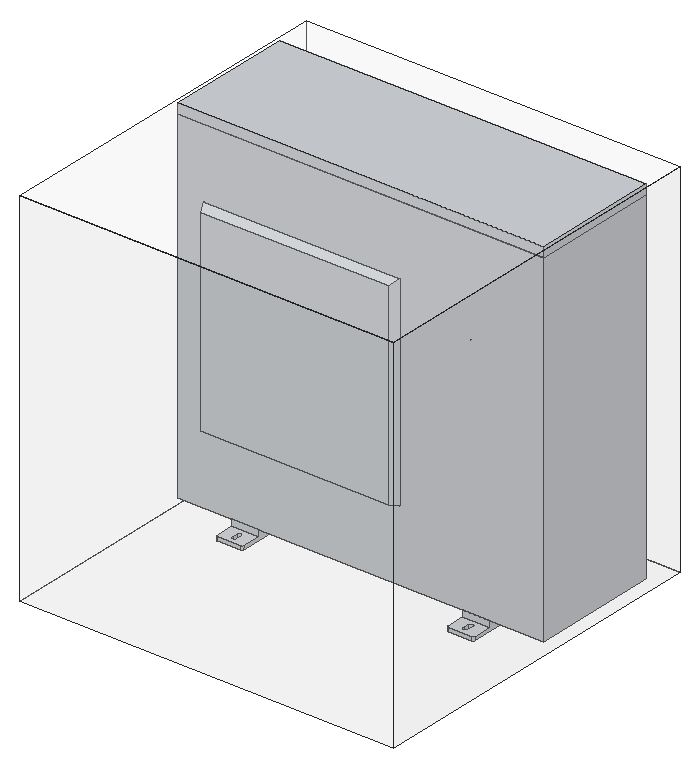
Revit family "puz-zrmp80(s)ha_280ka11_50Hz", category 機械設備, Revit 2019 (continued)
Definition of nested family "PUZ-ZRMP-2"
  Automatic sketch dimensions
    curve 43 to plane 50 = 0 mm
    curve 42 to plane 50 = 0 mm
    curve 41 to plane 50 = 0 mm
    curve 27 to plane 50 = 0 mm
    curve 28 to plane 50 = 0 mm
    curve 40 to plane 50 = 0 mm
    curve 39 to plane 50 = 0 mm
    curve 29 to plane 50 = 0 mm
    curve 38 to plane 50 = 0 mm
    curve 30 to plane 50 = 0 mm
    curve 53 to plane 50 = 0 mm
    curve 31 to plane 50 = 0 mm
    curve 36 to plane 50 = 0 mm
    curve 32 to plane 50 = 0 mm
    curve 35 to plane 50 = 0 mm
    curve 33 to plane 50 = 0 mm
    curve 34 to plane 50 = 0 mm
    curve 28 to plane 49 = 0 mm
    curve 41 to plane 49 = 0 mm
    curve 27 to plane 49 = 0 mm
    curve 42 to plane 49 = 0 mm
    curve 31 to plane 49 = 0 mm
    curve 40 to plane 49 = 0 mm
    curve 37 to plane 49 = 0 mm
    curve 39 to plane 49 = 0 mm
    curve 32 to plane 49 = 0 mm
    curve 45 to plane 49 = 0 mm
    curve 36 to plane 49 = 0 mm
    curve 46 to plane 49 = 0 mm
    curve 43 to plane 49 = 0 mm
    curve 47 to plane 49 = 0 mm
    curve 29 to plane 49 = 0 mm
    curve 48 to plane 49 = 0 mm
    curve 30 to plane 49 = 0 mm
    curve 49 to plane 49 = 0 mm
    curve 44 to plane 49 = 0 mm
    curve 50 to plane 49 = 0 mm
    curve 33 to plane 49 = 0 mm
    curve 51 to plane 49 = 0 mm
    curve 35 to plane 49 = 0 mm
    curve 52 to plane 49 = 0 mm
    curve 38 to plane 49 = 0 mm
    curve 53 to plane 49 = 0 mm
    curve 34 to plane 49 = 0 mm
    Extrusion 9 sketch curve to plane 18 = 0 mm  (x2)
    plane 8 to Extrusion 9 sketch curve = 0 mm
    plane 23 to Extrusion 9 sketch curve = 0 mm
    plane 22 to Extrusion 9 sketch curve = 0 mm  (x3)
    plane 16 to Extrusion 9 sketch curve = 0 mm  (x3)
    plane 17 to Extrusion 9 sketch curve = 0 mm  (x2)
    Extrusion 9 sketch curve to plane 15 = 0 mm  (x2)
    Extrusion 9 sketch curve to plane 19 = 0 mm  (x2)
    Extrusion 9 sketch curve to plane 14 = 0 mm  (x2)
    plane 7 to Extrusion 9 sketch curve = 0 mm
    Extrusion 9 sketch curve to Extrusion 9 sketch curve = 5 mm
    plane 15 to Extrusion 9 sketch curve = 6 mm  (x2)
    plane 19 to Extrusion 9 sketch curve = 5 mm
    Extrusion 9 sketch curve to plane 20 = 5 mm
    plane 14 to Extrusion 9 sketch curve = 6 mm  (x2)
    plane 21 to Extrusion 9 sketch curve = 5 mm
    plane 40 to Masking region 1 sketch curve = 0 mm
    plane 8 to Masking region 1 sketch curve = 0 mm  (x2)
    plane 7 to Masking region 1 sketch curve = 0 mm  (x2)
    curve 301 to plane 6 = 0 mm
    plane 52 to curve 8 = 0 mm
    plane 7 to curve 303 = 0 mm
    curve 304 to plane 18 = 0 mm
    curve 299 to plane 18 = 0 mm
    plane 8 to curve 297 = 0 mm
    curve 305 to plane 19 = 0 mm
    curve 298 to plane 19 = 0 mm
    curve 296 to plane 43 = 0 mm
    curve 295 to plane 48 = 0 mm
    curve 308 to plane 20 = 0 mm
    curve 291 to plane 21 = 11.98 mm
    curve 309 to plane 21 = 0 mm
    curve 290 to plane 47 = 0 mm
    curve 290 to plane 44 = 0 mm
    curve 288 to plane 5 = 0 mm
    plane 22 to curve 304 = 0 mm
    plane 22 to curve 308 = 0 mm
    plane 23 to curve 293 = 0 mm
    plane 23 to curve 298 = 0 mm
    curve 20 to plane 54 = 9 mm
    plane 66 to curve 316 = 4.5 mm
    curve 11 to plane 30 = 5 mm
    curve 11 to plane 66 = 10.5 mm
    curve 8 to curve 5 = 0 mm
    curve 12 to curve 6 = 0 mm
    curve 303 to plane 59 = 17.452 mm
    plane 15 to curve 297 = 2.486 mm
    curve 287 to plane 21 = 16.899 mm
    plane 47 to curve 297 = 22.809 mm
    plane 47 to curve 2 = 2 mm
    plane 31 to curve 9 = 5 mm
    curve 9 to curve 4 = 0 mm
    curve 16 to plane 47 = 13 mm
    plane 40 to Extrusion 9 sketch curve = 10 mm  (x2)
    curve 294 to plane 20 = 0 mm
    curve 293 to plane 21 = 0 mm
    plane 40 to curve 294 = 0 mm
    plane 47 to curve 1 = 2 mm
    curve 16 to curve 325 = 15 mm
Definition of nested family "固定点"
  Parameters (values of type "固定点")
    中心円 = if(W > 599 mm, 12 mm, 10 mm)  # 12 mm
    W = 1000 mm
    D = 1000 mm
  Reference planes
    plane 1 "中心(正面/背面)": y = 0
    plane 2: z = 0
    plane 3 "中心(左/右)": x = 0
    plane 4: x = 1000
    plane 5: y = 1000
  Lines and regions (mm)
    symbolic lines, detail levels fine
      curve 1: circle (0, 1000, 0) r 6 normal (0, 0, 1)
      curve 2: circle (0, 0, 0) r 6 normal (0, 0, 1)
      curve 3: circle (1000, 1000, 0) r 6 normal (0, 0, 1)
      curve 4: circle (1000, 0, 0) r 6 normal (0, 0, 1)
      curve 5: line (-200, 1000, 0) -> (1200, 1000, 0)
      curve 6: line (-200, 0, 0) -> (1200, 0, 0)
      curve 7: line (0, 1200, 0) -> (0, -200, 0)
      curve 8: line (1000, 1200, 0) -> (1000, -200, 0)
  Dimensions and locks
    "W": plane 3 "中心(左/右)" to plane 4
    "D": plane 1 "中心(正面/背面)" to plane 5
    "中心円": diameter of curve 1
    "中心円": diameter of curve 2
    "中心円": diameter of curve 3
    "中心円": diameter of curve 4
    aligned and locked: level to plane 2
    aligned and locked: plane 5 to curve 1
    aligned and locked: plane 3 "中心(左/右)" to curve 1
    aligned and locked: plane 3 "中心(左/右)" to curve 2
    aligned and locked: plane 1 "中心(正面/背面)" to curve 2
    aligned and locked: plane 4 to curve 3
    aligned and locked: plane 5 to curve 3
    aligned and locked: plane 1 "中心(正面/背面)" to curve 4
    aligned and locked: plane 4 to curve 4
    aligned and locked: plane 1 "中心(正面/背面)" to curve 6
    aligned and locked: curve 7 to plane 3 "中心(左/右)"
    aligned and locked: curve 8 to plane 4
  Automatic sketch dimensions
    curve 5 to plane 5 = 0 mm
    curve 6 to plane 3 "中心(左/右)" = 200 mm
    curve 5 to plane 3 "中心(左/右)" = 200 mm
    curve 4 to curve 6 = 200 mm
    curve 3 to curve 5 = 200 mm
    plane 1 "中心(正面/背面)" to curve 8 = 200 mm
    plane 1 "中心(正面/背面)" to curve 7 = 200 mm
    curve 3 to curve 8 = 200 mm
    curve 1 to curve 7 = 200 mm
Types (8, lengths in mm): name | 音響パワーレベル（冷）(dB) | 音響パワーレベル(dB) | 電源位置Z | 電源位置X | 電動機出力_送風機 | 電動機出力_圧縮機 | 質量 | 製品質量 | 相 | 消費電力_暖房 | 消費電力_冷房 | 消費電力 | 構成品番 | 極数 | 最小電線太さ_mm2 | 暖房能力 | 推奨ブレーカー容量 | 形名 | 価格 | ドレン　位置Y | ドレン　位置X | 冷房能力 | 冷媒管（ガス）位置X | 冷媒管（液）位置X | 冷媒管（ガス）位置Y | 冷媒管径符号 | 冷媒管位置Z | 冷媒管位置Y | 冷媒管位置X | 冷媒液管径 | 冷媒ガス管径 | Width | URL | Height | Clearance Right | Clearance Left | Clearance Front | Clearance Back
  (no name) | 66 | 68 | 669 | 275 | 0.06 kW | 1.6 kW | 79.20 kg | 66.00 kg | 3 | 1.76 kW | 1.68 kW | 1.76 kW | "PUZ-ZRMP80HA" | 3 | 1.6 | 8 kW | 20 A | PUZ-ZRMP-2 : PUZ-ZRMP-2 | 726000 | 111 | 30 | 7.1 kW | 434 | 377 | 229 | "Bd" | 447 | 259.5 | 405.5 | 9.52 | 15.88 | 950 | "https://www.mitsubishielectric.co.jp/ldg/wink/ssl/displayProduct.do?pid=311413" | 943 | 10 | 10 | 500 | 100
  PUZ-ZRMP80HA11 | 66 | 68 | 669 | 275 | 0.06 kW | 1.6 kW | 79.20 kg | 66.00 kg | 3 | 1.76 kW | 1.68 kW | 1.76 kW | "PUZ-ZRMP80HA" | 3 | 1.6 | 8 kW | 20 A | PUZ-ZRMP-2 : PUZ-ZRMP-2 | 726000 | 111 | 30 | 7.1 kW | 434 | 377 | 229 | "Bd" | 447 | 259.5 | 405.5 | 9.52 | 15.88 | 950 | "https://www.mitsubishielectric.co.jp/ldg/wink/ssl/displayProduct.do?pid=311413" | 943 | 10 | 10 | 500 | 100
  PUZ-ZRMP80SHA11 | 66 | 68 | 669 | 275 | 0.06 kW | 1.6 kW | 84.00 kg | 70.00 kg | 1 | 1.81 kW | 1.74 kW | 1.81 kW | "PUZ-ZRMP80SHA" | 1 | 1.6 | 8 kW | 30 A | PUZ-ZRMP-2 : PUZ-ZRMP-2 | 726000 | 111 | 30 | 7.1 kW | 434 | 377 | 229 | "Bd" | 447 | 259.5 | 405.5 | 9.52 | 15.88 | 950 | "https://www.mitsubishielectric.co.jp/ldg/wink/ssl/displayProduct.do?pid=311414" | 943 | 10 | 10 | 500 | 100
  PUZ-ZRMP112KA11 | 68 | 70 | 1063 | 325 | 0.12 kW | 2.1 kW | 118.80 kg | 99.00 kg | 3 | 2.22 kW | 2.21 kW | 2.22 kW | "PUZ-ZRMP112KA" | 3 | 1.6 | 11.2 kW | 30 A | PUZ-ZRMP-3 : PUZ-ZRMP112KA11 | 855000 | 176 | 45 | 10 kW | 483 | 423 | 234 | "Bd" | 450 | 262 | 453 | 9.52 | 15.88 | 1050 | "https://www.mitsubishielectric.co.jp/ldg/wink/ssl/displayProduct.do?pid=311419" | 1338 | 15 | 15 | 500 | 150
  PUZ-ZRMP140KA11 | 68 | 71 | 1063 | 325 | 0.12 kW | 2.8 kW | 118.80 kg | 99.00 kg | 3 | 2.98 kW | 3.02 kW | 3.02 kW | "PUZ-ZRMP140KA" | 3 | 1.6 | 14 kW | 30 A | PUZ-ZRMP-3 : PUZ-ZRMP112KA11 | 1028000 | 176 | 45 | 12.5 kW | 483 | 423 | 234 | "Bd" | 450 | 262 | 453 | 9.52 | 15.88 | 1050 | "https://www.mitsubishielectric.co.jp/ldg/wink/ssl/displayProduct.do?pid=311541" | 1338 | 15 | 15 | 500 | 150
  PUZ-ZRMP160KA11 | 70 | 73 | 1063 | 325 | 0.12 kW | 3.3 kW | 118.80 kg | 99.00 kg | 3 | 3.75 kW | 3.85 kW | 3.85 kW | "PUZ-ZRMP160KA" | 3 | 1.6 | 16 kW | 30 A | PUZ-ZRMP-3 : PUZ-ZRMP112KA11 | 1149000 | 176 | 45 | 14 kW | 483 | 423 | 234 | "Bd" | 450 | 262 | 453 | 9.52 | 15.88 | 1050 | "https://www.mitsubishielectric.co.jp/ldg/wink/ssl/displayProduct.do?pid=311544" | 1338 | 15 | 15 | 500 | 150
  PUZ-ZRMP224KA | 79 | 81 | 1063 | 325 | 0.3 kW | 4.6 kW | 156.00 kg | 130.00 kg | 3 | 4.96 kW | 5.33 kW | 5.33 kW | "PUZ-ZRMP224KA" | 3 | 2 | 22.4 kW | 40 A | PUZ-ZRMP-3 : PUZ-ZRMP224KA | 1490000 | 176 | 45 | 20 kW | 479 | 423 | 236 | "Bg" | 450 | 263 | 451 | 9.52 | 25.40 | 1050 | "https://www.mitsubishielectric.co.jp/ldg/wink/ssl/displayProduct.do?pid=311547" | 1338 | 15 | 15 | 1000 | 150
  PUZ-ZRMP280KA | 79 | 81 | 1063 | 325 | 0.4 kW | 5.7 kW | 160.80 kg | 134.00 kg | 3 | 6.8 kW | 7.95 kW | 7.95 kW | "PUZ-ZRMP280KA" | 3 | 2 | 28 kW | 50 A | PUZ-ZRMP-3 : PUZ-ZRMP224KA | 1840000 | 176 | 45 | 25 kW | 479 | 423 | 236 | "Cg" | 450 | 263 | 451 | 12.70 | 25.40 | 1050 | "https://www.mitsubishielectric.co.jp/ldg/wink/ssl/displayProduct.do?pid=311550" | 1338 | 15 | 15 | 1000 | 150
